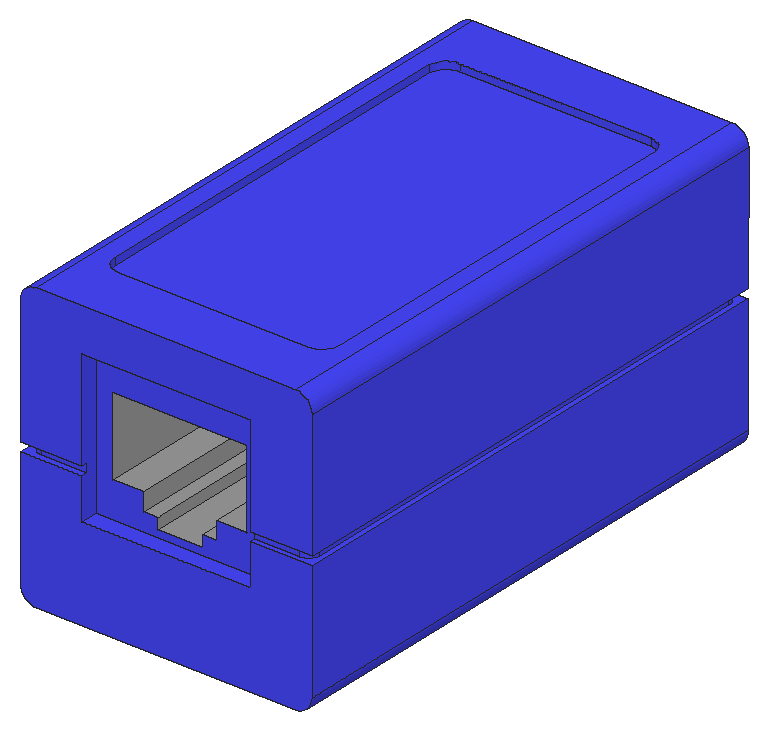
Revit family "ITK_Проходной адаптер_Экранированный", category Обобщенные модели, Revit 2019
Family settings
  Может служить основой для арматурных стержней = Нет
  Размер круглого соединителя = Использовать диаметр
  Тип детали = Нормальный
  На основе рабочей плоскости = Нет
  Всегда вертикально = Да
  При загрузке вырезать с полостями = Нет
  Общий = Нет
  Точка расчета площади = Нет
Parameters (values of type "CS70-1C5EF")
  Ширина = 26 mm
  Степень защиты = ""
  Материал = Нержавеющая сталь
  Изготовитель = "ITK"  # constant formula
  Дата изменения = ""
  Глубина = 48.5 mm
  Высота = 25.5 mm
  URL = "https://www.iek.ru/"
  KSI_CPr_Строительные изделия = "61.1.03.04"  # constant formula
  KSI_CMa_Строительные материалы = "01.7.14.03"  # constant formula
  IEK_Цена за единицу = 252.37
  IEK_Поиск в таблице имен = ""
  IEK_Описание = "Соответствие международным стандартам качества, что обеспечивает совместимость с компонентами и с кабелем.\r\nИзготовлены из высококачественных негорючих материалов и отличаются надежностью и удобством эксплуатации."
  IEK_URL = "https://www.itk-group.ru/produktsiya/catalog/oborudovanie_telekommunikatsionnoe/komponenty_sks_mednye/rozetki_adaptery_i_moduli_keystone/moduli_keystone_jack_informatsionnye_rozetki_rozetochnye_korpusa_i_adaptery/adaptery/adaptery_ekranirovannye/itk_prokhodnoy_adapter_kat_5e_ftp_tip_rj45_rj45_8p8c"
  ADSK_Примечание = ""
  ADSK_Позиция [instance] = ""
  ADSK_Наименование = "ITK Проходной адаптер кат.5E FTP, тип RJ45-RJ45"
  ADSK_Материал обозначение = ""
  ADSK_Материал наименование = "Пластик"  # constant formula
  ADSK_Масса = 0
  ADSK_Марка = ""  # constant formula
  ADSK_Код изделия = "CS70-1C5EF"
  ADSK_Завод-изготовитель = "IEK"  # constant formula
  ADSK_Единица измерения = "шт"  # constant formula
  ADSK_Группирование = "I. ЩИТЫ И ПУЛЬТЫ"  # constant formula
  ADSK_Версия семейства = "1.0"  # constant formula
  ADSK_Версия Revit = "2019"  # constant formula
  ADSK_URL страницы изделия = "https://www.itk-group.ru/produktsiya/catalog/oborudovanie_telekommunikatsionnoe/komponenty_sks_mednye/rozetki_adaptery_i_moduli_keystone/moduli_keystone_jack_informatsionnye_rozetki_rozetochnye_korpusa_i_adaptery/adaptery/adaptery_ekranirovannye/"
Types (2, lengths in mm): name | IEK_Цена за единицу | IEK_URL | ADSK_Наименование | ADSK_Код изделия
  CS70-1C06F | 219.48 | "https://www.itk-group.ru/produktsiya/catalog/oborudovanie_telekommunikatsionnoe/komponenty_sks_mednye/rozetki_adaptery_i_moduli_keystone/moduli_keystone_jack_informatsionnye_rozetki_rozetochnye_korpusa_i_adaptery/adaptery/adaptery_ekranirovannye/itk_prokhodnoy_adapter_kat_6_ftp_tip_rj45_rj45" | "ITK Проходной адаптер кат. 6 FTP тип RJ45-RJ45" | "CS70-1C06F"
  CS70-1C5EF | 252.37 | "https://www.itk-group.ru/produktsiya/catalog/oborudovanie_telekommunikatsionnoe/komponenty_sks_mednye/rozetki_adaptery_i_moduli_keystone/moduli_keystone_jack_informatsionnye_rozetki_rozetochnye_korpusa_i_adaptery/adaptery/adaptery_ekranirovannye/itk_prokhodnoy_adapter_kat_5e_ftp_tip_rj45_rj45_8p8c" | "ITK Проходной адаптер кат.5E FTP, тип RJ45-RJ45" | "CS70-1C5EF"
Reference planes
  plane 1 "По центру (Вперед/Назад)": y = 0
  plane 2: z = 0
  plane 3 "По центру (Влево/Вправо)": x = 0
  plane 4: x = -13
  plane 5: x = 13
  plane 6: z = 25.5
  plane 7: y = 48.5
  plane 8: z = 12.75
  plane 9: y = 24.25
Forms (mm)
  Extrusion 1, solid, material "Нержавеющая сталь", detail levels fine
    sketch origin (0, 0, 0) x (1, 0, 0) y (0, 0, 1)
      loop
        line (-13, 23.999) -> (-13, 1.49)
        arc (-13, 1.49) -> (-12.564, 0.436) -> (-11.51, 0) r 1.49
        line (-11.51, 0) -> (11.52, 0)
        arc (11.52, 0) -> (12.566, 0.434) -> (13, 1.48) r 1.48
        line (13, 1.48) -> (13, 23.999)
        arc (13, 23.999) -> (12.56, 25.06) -> (11.499, 25.5) r 1.501
        line (11.499, 25.5) -> (-11.499, 25.5)
        arc (-11.499, 25.5) -> (-12.56, 25.06) -> (-13, 23.999) r 1.501
    from 0 to -48.5
  Extrusion 2, void
    sketch origin (0, 0, 0) x (1, 0, 0) y (0, 0, 1)
      loop
        line (7.5, 21.7) -> (-7.5, 21.7) -> (-7.5, 8.3) -> (7.5, 8.3) -> (7.5, 21.7)
    from 0 to -48.5
  Sweep 3, void
    path origin (0, 0, 11.964) x (1, 0, 0) y (0, 1, 0)
      loop
        line (-7.5, 48.5) -> (-11.506, 48.5)
        arc (-11.506, 48.5) -> (-12.562, 48.062) -> (-13, 47.006) r 1.494
        line (-13, 47.006) -> (-13, 1.49)
        arc (-13, 1.49) -> (-12.564, 0.436) -> (-11.51, 0) r 1.49
        line (-11.51, 0) -> (-7.5, 0)
    profile origin (-9.503, 48.5, 11.964) x (0, -1, 0) y (0, 0, 1)
      loop
        line (-0.979, 0) -> (0.514, 0) -> (0.514, 0.786) -> (-0.979, 0.786) -> (-0.979, 0)
  Sweep 4, void
    path origin (0, 0, 11.964) x (-1, 0, 0) y (0, -1, 0)
      loop
        line (-7.5, -48.5) -> (-11.506, -48.5)
        arc (-11.506, -48.5) -> (-12.562, -48.062) -> (-13, -47.006) r 1.494
        line (-13, -47.006) -> (-13, -1.49)
        arc (-13, -1.49) -> (-12.564, -0.436) -> (-11.51, 0) r 1.49
        line (-11.51, 0) -> (-7.5, 0)
    profile origin (9.503, 48.5, 11.964) x (0, 1, 0) y (0, 0, 1)
      loop
        line (0.979, 0) -> (0.979, 0.786) -> (-0.514, 0.786) -> (-0.514, 0) -> (0.979, 0)
  Extrusion 5, solid, material "Пластик белый", detail levels fine
    sketch origin (0, 0, 0) x (1, 0, 0) y (0, 0, 1)
      loop
        line (7.5, 21.7) -> (-7.5, 21.7) -> (-7.5, 8.3) -> (7.5, 8.3) -> (7.5, 21.7)
    from -1.5 to -22.9
  Extrusion 6, solid, material "Пластик белый", detail levels fine
    sketch origin (0, 48.5, 0) x (1, 0, 0) y (0, 0, -1)
      loop
        line (7.5, -21.7) -> (7.5, -8.3) -> (-7.5, -8.3) -> (-7.5, -21.7) -> (7.5, -21.7)
    from -1.5 to -22.9
  Extrusion 7, void
    sketch origin (0, 0, 0) x (1, 0, 0) y (0, 0, 1)
      loop
        line (-6, 18.5) -> (-6, 11.5) -> (-3.25, 11.5) -> (-3.25, 9.9) -> (-2, 9.9) -> (-2, 8.917) -> (2, 8.917) -> (2, 9.9) -> (3.25, 9.9) -> (3.25, 11.5) -> (6, 11.5) -> (6, 18.5) -> (-6, 18.5)
    from -1.5 to -20.973
  Extrusion 8, void
    sketch origin (0, 48.5, 27.417) x (-1, 0, 0) y (0, 0, 1)
      loop
        line (-6, -15.917) -> (6, -15.917) -> (6, -8.917) -> (3.25, -8.917) -> (3.25, -7.317) -> (2, -7.317) -> (2, -6.325) -> (-2, -6.325) -> (-2, -7.317) -> (-3.25, -7.317) -> (-3.25, -8.917) -> (-6, -8.917) -> (-6, -15.917)
    from -1.5 to -20.973
  Extrusion 9, void
    sketch origin (0, 0, 0) x (1, 0, 0) y (0, 1, 0)
      loop
        arc (-10, 6.75) -> (-9.561, 5.689) -> (-8.5, 5.25) r 1.5
        line (-8.5, 5.25) -> (8.5, 5.25)
        arc (8.5, 5.25) -> (9.561, 5.689) -> (10, 6.75) r 1.5
        line (10, 6.75) -> (10, 41.75)
        arc (10, 41.75) -> (9.561, 42.811) -> (8.5, 43.25) r 1.5
        line (8.5, 43.25) -> (-8.5, 43.25)
        arc (-8.5, 43.25) -> (-9.561, 42.811) -> (-10, 41.75) r 1.5
        line (-10, 41.75) -> (-10, 6.75)
    from 24.859 to 25.5
  Extrusion 10, solid, material "Условный материал-отделка", detail levels coarse+medium
    sketch origin (0, 0, 0) x (1, 0, 0) y (0, 1, 0)
      loop
        line (-13, 48.5) -> (-13, 0) -> (13, 0) -> (13, 48.5) -> (-13, 48.5)
    from 0 to 25.5 <- "Высота"
Cuts and joins
  Extrusion 2, Sweep 3, Sweep 4, Extrusion 9 cuts Extrusion 1
  Extrusion 7, Extrusion 8, Extrusion 9 cuts Extrusion 5
  Extrusion 8, Extrusion 9 cuts Extrusion 6
Dimensions and locks
  "Высота": plane 6 to level
  "Глубина": plane 1 "По центру (Вперед/Назад)" to plane 7
  equal spacing: plane 4, plane 3 "По центру (Влево/Вправо)", plane 5
  "Ширина": plane 4 to plane 5
  aligned and locked: level to plane 2
  aligned and locked: Extrusion 1 sketch curve to plane 4
  aligned and locked: Extrusion 1 sketch curve to plane 6
  aligned and locked: Extrusion 1 sketch curve to plane 5
  aligned and locked: Extrusion 1 sketch curve to level
  aligned and locked: plane 7 to Extrusion 1
  aligned and locked: plane 7 to Extrusion 2
  aligned and locked: Extrusion 5 sketch curve to cut or joined group of Extrusion 1, Extrusion 2, Sweep 3, Sweep 4, Extrusion 9  (x4)
  aligned and locked: plane 6 to Extrusion 9
Automatic sketch dimensions
  level to Extrusion 1 sketch curve = 1.49 mm
  plane 4 to Extrusion 1 sketch curve = 1.501 mm
  Extrusion 1 sketch curve to Extrusion 1 sketch curve = 1.501 mm
  level to Extrusion 1 sketch curve = 1.48 mm
  Sweep 3 sketch curve to plane 4 = 0 mm
  plane 1 "По центру (Вперед/Назад)" to Sweep 3 sketch curve = 0 mm
  Sweep 3 sketch curve to plane 7 = 0 mm
  Sweep 3 sketch curve to plane 1 "По центру (Вперед/Назад)" = 1.49 mm
  Sweep 3 sketch curve to Sweep 3 sketch curve = 1.494 mm
  Sweep 3 sketch curve to Sweep 3 sketch curve = 4.006 mm
  Sweep 3 sketch curve to Sweep 3 sketch curve = 4.01 mm
  Sweep 3 sketch curve to profile plane = 0 mm
  profile plane to Sweep 3 sketch curve = 0.979 mm
  Sweep 3 sketch curve to profile plane = 0.514 mm
  profile plane to Sweep 3 sketch curve = 0.786 mm
  Sweep 4 sketch curve to plane 5 = 0 mm
  plane 1 "По центру (Вперед/Назад)" to Sweep 4 sketch curve = 0 mm
  Sweep 4 sketch curve to plane 7 = 0 mm
  Sweep 4 sketch curve to plane 1 "По центру (Вперед/Назад)" = 1.49 mm
  Sweep 4 sketch curve to Sweep 4 sketch curve = 1.494 mm
  Sweep 4 sketch curve to Sweep 4 sketch curve = 4.006 mm
  Sweep 4 sketch curve to Sweep 4 sketch curve = 4.01 mm
  Sweep 4 sketch curve to profile plane = 0 mm
  profile plane to Sweep 4 sketch curve = 0.514 mm
  Sweep 4 sketch curve to profile plane = 0.979 mm
  profile plane to Sweep 4 sketch curve = 0.786 mm
  plane 4 to Extrusion 6 sketch curve = 5.5 mm
  Extrusion 6 sketch curve to plane 5 = 5.5 mm
  Extrusion 6 sketch curve to plane 6 = 3.8 mm
  plane 8 to Extrusion 6 sketch curve = 4.45 mm
  Extrusion 7 sketch curve to Extrusion 7 sketch curve = 0.983 mm
  plane 3 "По центру (Влево/Вправо)" to Extrusion 8 sketch curve = 6 mm
  Extrusion 8 sketch curve to Extrusion 8 sketch curve = 2.75 mm  (x2)
  Extrusion 8 sketch curve to Extrusion 8 sketch curve = 1.25 mm  (x2)
  Extrusion 8 sketch curve to plane 3 "По центру (Влево/Вправо)" = 2 mm
  plane 8 to Extrusion 8 sketch curve = 1.25 mm
  Extrusion 8 sketch curve to plane 8 = 5.75 mm  (x2)
  Extrusion 8 sketch curve to Extrusion 8 sketch curve = 1.6 mm  (x2)
  Extrusion 8 sketch curve to Extrusion 8 sketch curve = 0.991 mm
  plane 4 to Extrusion 2 sketch curve = 5.5 mm
  Extrusion 2 sketch curve to plane 5 = 5.5 mm
  plane 8 to Extrusion 2 sketch curve = 4.45 mm
  Extrusion 2 sketch curve to plane 6 = 3.8 mm
  plane 8 to Extrusion 7 sketch curve = 1.25 mm  (x2)
  Extrusion 7 sketch curve to plane 3 "По центру (Влево/Вправо)" = 6 mm
  Extrusion 7 sketch curve to Extrusion 7 sketch curve = 2.75 mm  (x2)
  Extrusion 7 sketch curve to Extrusion 7 sketch curve = 1.25 mm  (x2)
  plane 3 "По центру (Влево/Вправо)" to Extrusion 7 sketch curve = 2 mm
  Extrusion 7 sketch curve to Extrusion 7 sketch curve = 1.6 mm  (x2)
  Extrusion 7 sketch curve to plane 8 = 5.75 mm
  plane 1 "По центру (Вперед/Назад)" to Extrusion 10 sketch curve = 0 mm
  Extrusion 10 sketch curve to plane 4 = 0 mm
  Extrusion 10 sketch curve to plane 5 = 0 mm
  Extrusion 10 sketch curve to plane 7 = 0 mm
